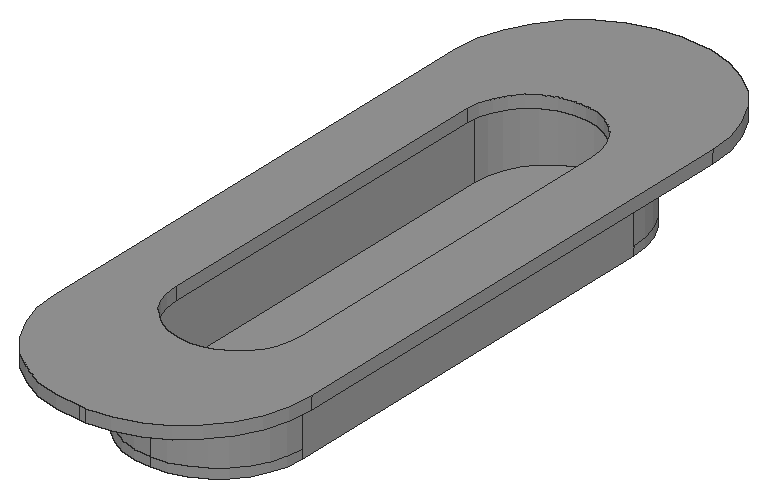
Revit family "ALMA-DFPOGM03-Orla_Oval_Flush_Pull", category Specialty Equipment, host Face, Revit 2026
Family settings
  Host = Face
  Round Connector Dimension = Use Diameter
  Part Type = Normal
  Enable Cutting in Views = Yes
  Cut with Voids When Loaded = Yes
  Maintain Annotation Orientation = No
  Shared = No
  Room Calculation Point = No
Parameters (values of type "BRUSHED MATTE BLACK (DFPOMB01)")
  Width = 41 mm
  Material = BM_MATTE BLACK
  Length = 120 mm
  Depth = 14.5 mm
  Default Elevation = 1219.2 mm
Types (6, lengths in mm): name | Material
  (no name) | BM_MATTE BLACK
  BRUSHED NICKEL (DFPOBN04) | BM_NICKEL
  BRUSHED VINTAGE ANTIQUE BRASS (DFPOVB05) | BM_ANTIQUE BRASS
  BRUSHED BRASS GOLD (DFPOGD02) | BM_BRASS GOLD
  BRUSHED MATTE BLACK (DFPOMB01) | BM_MATTE BLACK
  BRUSHED GUNMETAL (DFPOGM03) | BM_GUNMETAL
Reference planes
  plane 1 "Center (Front/Back)": y = 0
  plane 2: z = 0
  plane 3 "Center (Left/Right)": x = 0
  plane 4: x = -20.5
  plane 5: x = 20.5
  plane 6: y = 60
  plane 7: y = -60
  plane 8: x = 10
  plane 9: x = -10
  plane 10: y = 39
  plane 11: y = -39
  plane 12: y = 46.5
  plane 13: y = -46.5
  plane 14: x = -13.5
  plane 15: x = 13.5
  plane 16: z = 2
  plane 17: z = -12.5
Forms (mm)
  Extrusion 1, solid, material "BM_MATTE BLACK" <- "Material"
    sketch origin (0, 0, 0) x (1, 0, 0) y (0, 1, 0)
      loop
        arc (-0.5, 60) -> (-14.642, 54.142) -> (-20.5, 40) r 20
        line (-20.5, 40) -> (-20.5, -40)
        arc (-20.5, -40) -> (-14.642, -54.142) -> (-0.5, -60) r 20
        line (-0.5, -60) -> (0.5, -60)
        arc (0.5, -60) -> (14.642, -54.142) -> (20.5, -40) r 20
        line (20.5, -40) -> (20.5, 40)
        arc (20.5, 40) -> (14.642, 54.142) -> (0.5, 60) r 20
        line (0.5, 60) -> (-0.5, 60)
      loop
        arc (-10, -29) -> (-7.071, -36.071) -> (0, -39) r 10
        arc (0, -39) -> (7.071, -36.071) -> (10, -29) r 10
        line (10, -29) -> (10, 29)
        arc (10, 29) -> (0, 39) -> (-10, 29) r 10
        line (-10, 29) -> (-10, -29)
    from 0 to 2
  Extrusion 2, void
    sketch origin (0, 0, 0) x (1, 0, 0) y (0, 1, 0)
      loop
        arc (-13.5, -33) -> (0, -46.5) -> (13.5, -33) r 13.5
        line (13.5, -33) -> (13.5, 33)
        arc (13.5, 33) -> (9.542, 42.55) -> (-0.011, 46.5) r 13.5
        arc (-0.011, 46.5) -> (-9.55, 42.542) -> (-13.5, 33) r 13.5
        line (-13.5, 33) -> (-13.5, -33)
    from 0 to -12.5
  Extrusion 3, solid, material "BM_MATTE BLACK" <- "Material"
    sketch origin (0, 0, 0) x (1, 0, 0) y (0, 1, 0)
      loop
        arc (-13.5, -33) -> (-9.546, -42.546) -> (0, -46.5) r 13.5
        arc (0, -46.5) -> (9.546, -42.546) -> (13.5, -33) r 13.5
        line (13.5, -33) -> (13.5, 33)
        arc (13.5, 33) -> (9.546, 42.546) -> (0, 46.5) r 13.5
        arc (0, 46.5) -> (-9.546, 42.546) -> (-13.5, 33) r 13.5
        line (-13.5, 33) -> (-13.5, -33)
      loop
        arc (0, 45) -> (-8.485, 41.485) -> (-12, 33) r 12
        line (-12, 33) -> (-12, -33)
        arc (-12, -33) -> (-8.485, -41.485) -> (0, -45) r 12
        arc (0, -45) -> (8.485, -41.485) -> (12, -33) r 12
        line (12, -33) -> (12, 33)
        arc (12, 33) -> (8.485, 41.485) -> (0, 45) r 12
    from -11 to 0
  Extrusion 4, solid, material "BM_MATTE BLACK" <- "Material"
    sketch origin (-20.5, -4572, -12.5) x (-1, 0, 0) y (0, -1, 0)
      loop
        arc (-20.5, -4618.5) -> (-10.954, -4614.546) -> (-7, -4605) r 13.5
        line (-7, -4605) -> (-7, -4539)
        arc (-7, -4539) -> (-10.954, -4529.454) -> (-20.5, -4525.5) r 13.5
        arc (-20.5, -4525.5) -> (-30.046, -4529.454) -> (-34, -4539) r 13.5
        line (-34, -4539) -> (-34, -4605)
        arc (-34, -4605) -> (-30.046, -4614.546) -> (-20.5, -4618.5) r 13.5
    from 0 to 1.5
Cuts and joins
  Extrusion 2 cuts Extrusion 1
  joined: Extrusion 3, Extrusion 4
Text (mm)
  text "Refer to www.buildmat.com.au for the most current product literature. \nAllow a +/- 5mm tolerance for dimensions shown in the product literature. \nPlease note product details are subject to change due to ongoing product development." at (1.508, -229.383, 0), in view "Ref. Level"
Dimensions and locks
  plane 16 to host face = 2 mm  (x2)
  "Depth": plane 16 to plane 17
  "Length": plane 6 to plane 7
  equal spacing: plane 6, plane 1 "Center (Front/Back)", plane 7
  "Width": plane 4 to plane 5
  equal spacing: plane 4, plane 3 "Center (Left/Right)", plane 5
  plane 10 to plane 11 = 78 mm
  equal spacing: plane 10, plane 1 "Center (Front/Back)", plane 11
  plane 9 to plane 8 = 20 mm
  equal spacing: plane 9, plane 3 "Center (Left/Right)", plane 8
  plane 13 to plane 12 = 93 mm
  plane 7 to plane 6 = 120 mm
  plane 16 to plane 17 = 14.5 mm
  host face to plane 17 = 12.5 mm
  aligned and locked: plane 2 to host face
  aligned and locked: level to host face
Automatic sketch dimensions
  host sketch curve to host sketch curve = 438.4 mm  (x2)
  Extrusion 1 sketch curve to Extrusion 1 sketch curve = 0 mm  (x2)
  Extrusion 1 sketch curve to plane 4 = 0 mm
  Extrusion 1 sketch curve to plane 9 = 0 mm
  plane 7 to Extrusion 1 sketch curve = 0 mm
  Extrusion 1 sketch curve to plane 6 = 0 mm
  Extrusion 1 sketch curve to plane 3 "Center (Left/Right)" = 0 mm  (x2)
  Extrusion 1 sketch curve to plane 5 = 0 mm
  plane 11 to Extrusion 1 sketch curve = 0 mm
  Extrusion 1 sketch curve to plane 3 "Center (Left/Right)" = 0.5 mm  (x2)
  plane 3 "Center (Left/Right)" to Extrusion 1 sketch curve = 0.5 mm  (x2)
  Extrusion 1 sketch curve to plane 10 = 10 mm
  Extrusion 2 sketch curve to Extrusion 2 sketch curve = 0 mm  (x2)
  Extrusion 2 sketch curve to plane 14 = 0 mm
  Extrusion 2 sketch curve to plane 3 "Center (Left/Right)" = 0 mm
  Extrusion 2 sketch curve to plane 11 = 6 mm
  Extrusion 2 sketch curve to plane 10 = 6 mm
  Extrusion 2 sketch curve to plane 12 = 0 mm
  Extrusion 3 sketch curve to Extrusion 3 sketch curve = 0 mm  (x24)
  Extrusion 3 sketch curve to plane 14 = 0 mm
  Extrusion 3 sketch curve to plane 3 "Center (Left/Right)" = 0 mm
  Extrusion 3 sketch curve to plane 15 = 0 mm
  plane 13 to Extrusion 3 sketch curve = 0 mm
  Extrusion 3 sketch curve to plane 12 = 0 mm
  plane 14 to Extrusion 3 sketch curve = 1.5 mm
  Extrusion 4 sketch curve to Extrusion 4 sketch curve = 0 mm  (x4)
  Extrusion 4 sketch curve to plane 15 = 0 mm
  Extrusion 4 sketch curve to plane 3 "Center (Left/Right)" = 0 mm
  Extrusion 4 sketch curve to plane 12 = 0 mm
  plane 13 to Extrusion 4 sketch curve = 0 mm
